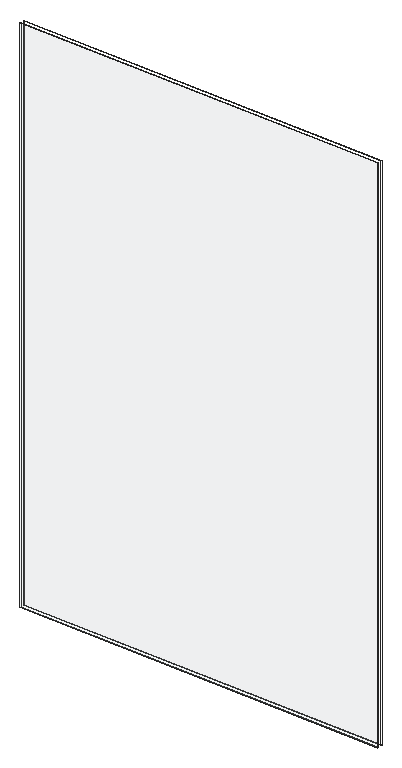
Revit family "Building-Materials_Glass-Glazing_Vitro-Architectural-Glass_Solarblue-Glass", category Curtain Panels, Revit 2026
Family settings
  Classification Number = 23.25.20.14.11.11.17
  Always vertical = Yes
  Cut with Voids When Loaded = No
  Shared = No
Parameters (values of type "Solarban 60 (2) Solarblue  + Clear")
  Visual Light Transmittance = if(Glass Code = 2, 0.5, if(Glass Code = 3, 0.48, if(Glass Code = 4, 0.45, if(Glass Code = 5, 0.45, if(Glass Code = 6, 0.34, if(Glass Code = 7, 0.34, if(Glass Code = 8, 0.41, if(Glass Code = 9, 0.41, if(Glass Code = 10, 0.26, if(Glass Code = 11, 0.32, if(Glass Code = 12, 0.32, if(Glass Code = 13, 0.2, if(Glass Code = 14, 0.17, if(Glass Code = 15, 0.16, if(Glass Code = 16, 0.13, if(Glass Code = 17, 0.19, if(Glass Code = 18, 0.12, 0.12)))))))))))))))))  # 0.45
  UV Light Transmittance = 0.1
  URL = "https://www.vitroglazings.com/"
  U-Value Argon (Winter Night) = 0.2400 BTU/(h·ft²·°F)
  U-Value Argon (Summer Day) = 0.2200 BTU/(h·ft²·°F)
  U-Value Air (Winter Night) = 0.2900 BTU/(h·ft²·°F)
  U-Value Air (Summer Day) = 0.2700 BTU/(h·ft²·°F)
  Total Thickness = Airspace Thickness + [1st Lite Thickness] + [2nd Lite Thickness]  # 0' - 1"
  Thermal Resistance (R) = 8.3333 (h·ft²·°F)/BTU  # constant formula
  Solar Light Transmittance = 0.21
  Solar Heat Gain Coefficient = if(Glass Code = 2, 0.49, if(Glass Code = 3, 0.42, if(Glass Code = 4, 0.29, if(Glass Code = 5, 0.33, if(Glass Code = 6, 0.23, if(Glass Code = 7, 0.3, if(Glass Code = 8, 0.22, if(Glass Code = 9, 0.27, if(Glass Code = 10, 0.19, if(Glass Code = 11, 0.19, if(Glass Code = 12, 0.25, if(Glass Code = 13, 0.32, if(Glass Code = 14, 0.18, if(Glass Code = 15, 0.15, if(Glass Code = 16, 0.15, if(Glass Code = 17, 0.29, if(Glass Code = 18, 0.12, 0.12)))))))))))))))))  # 0.29
  Shadow Coefficient = 0.33
  Reflectance (Visible Interior) = 11
  Reflectance (Visible Exterior) = 7
  Product data url = "https://www.bimobject.com/vitroarchictecturalglass/product/solarblue-glass"
  Product Page URL = "https://www.vitroglazings.com/products/performance-tinted-glass/blue-green-tinted-glass/solarblue-glass/"
  Product Guid = "c9440fd3-c105-4b7b-813a-3103e28ac274"
  Model = "Solarban 60 (2) Solarblue  + Clear"
  Manufacturer = "Vitro Architectural Glass "  # constant formula
  Light to Solar Gain = 1.55
  Keynote = "08900"  # constant formula
  Interior Glass Material = Vitro Architectural-Glass - Clear
  ISO Damage Weighted Transmittance = 0.377
  Heat Transfer Coefficient (U) = 0.2900 BTU/(h·ft²·°F)  # constant formula
  Glass Code = 4
  Finish = "Glass"  # constant formula
  Exterior Glass Material = Vitro Architectural-Glass - Solarban 60 (2) Solarblue
  Description = "Part of Vitro Glass’s earth‑inspired collection, Solarblue® glass features a sparkling, light sky‑blue appearance that balances high visible light transmittance (VLT) of 50 percent and a solar heat gain coefficient (SHGC) of 0.49 in a one-inch insulating glass unit (IGU) with clear glass."  # constant formula
  Define Thermal Properties by = Schematic Type
  Assembly Code = "B2020220"
  Analytic Construction = "Low-E double glazing (1/4 in + 1/4 in)"
  Airspace Thickness = 0' - 0 1/2"  # constant formula
  2nd Lite Thickness = 0' - 0 1/4"  # constant formula
  1st Lite Thickness = 0' - 0 1/4"  # constant formula
Types (17): name | Visual Light Transmittance | UV Light Transmittance | U-Value Argon (Winter Night) | U-Value Argon (Summer Day) | U-Value Air (Winter Night) | U-Value Air (Summer Day) | Solar Light Transmittance | Solar Heat Gain Coefficient | Shadow Coefficient | Reflectance (Visible Interior) | Reflectance (Visible Exterior) | Model | Light to Solar Gain | Interior Glass Material | ISO Damage Weighted Transmittance | Glass Code | Exterior Glass Material
  Solarblue + Clear | 0.5 | 0.25 | 0.4500 BTU/(h·ft²·°F) | 0.4800 BTU/(h·ft²·°F) | 0.4700 BTU/(h·ft²·°F) | 0.5000 BTU/(h·ft²·°F) | 0.37 | 0.49 | 0.56 | 13 | 9 | "Solarblue + Clear" | 1.02 | Vitro Architectural-Glass - Clear | 0.482 | 2 | Vitro Architectural-Glass - Solarblue
  Solarblue + Sungate 400 (3) Clear | 0.48 | 0.15 | 0.2800 BTU/(h·ft²·°F) | 0.2600 BTU/(h·ft²·°F) | 0.3200 BTU/(h·ft²·°F) | 0.3100 BTU/(h·ft²·°F) | 0.31 | 0.42 | 0.49 | 12 | 8 | "Solarblue + Sungate 400 (3) Clear" | 1.14 | Vitro Architectural-Glass - Sungate 400 (3) Clear | 0.429 | 3 | Vitro Architectural-Glass - Solarblue
  Solarban 60 (2) Solarblue  + Clear | 0.45 | 0.1 | 0.2400 BTU/(h·ft²·°F) | 0.2200 BTU/(h·ft²·°F) | 0.2900 BTU/(h·ft²·°F) | 0.2700 BTU/(h·ft²·°F) | 0.21 | 0.29 | 0.33 | 11 | 7 | "Solarban 60 (2) Solarblue  + Clear" | 1.55 | Vitro Architectural-Glass - Clear | 0.377 | 4 | Vitro Architectural-Glass - Solarban 60 (2) Solarblue
  Solarblue + Solarban 60 (3) Clear | 0.45 | 0.1 | 0.2400 BTU/(h·ft²·°F) | 0.2200 BTU/(h·ft²·°F) | 0.2900 BTU/(h·ft²·°F) | 0.2700 BTU/(h·ft²·°F) | 0.21 | 0.33 | 0.38 | 9 | 7 | "Solarblue + Solarban 60 (3) Clear" | 1.36 | Vitro Architectural-Glass - Solarban 60 (3) Clear | 0.376 | 5 | Vitro Architectural-Glass - Solarblue
  Solarban 67 (2) Solarblue  + Clear | 0.34 | 0.06 | 0.2400 BTU/(h·ft²·°F) | 0.2200 BTU/(h·ft²·°F) | 0.2900 BTU/(h·ft²·°F) | 0.2700 BTU/(h·ft²·°F) | 0.16 | 0.23 | 0.26 | 15 | 10 | "Solarban 67 (2) Solarblue  + Clear" | 1.48 | Vitro Architectural-Glass - Clear | 0.282 | 6 | Vitro Architectural-Glass - Solarban 67 (2) Solarblue
  Solarblue + Solarban 67 (3) Clear | 0.34 | 0.06 | 0.2400 BTU/(h·ft²·°F) | 0.2200 BTU/(h·ft²·°F) | 0.2900 BTU/(h·ft²·°F) | 0.2700 BTU/(h·ft²·°F) | 0.16 | 0.3 | 0.34 | 18 | 9 | "Solarblue + Solarban 67 (3) Clear" | 1.13 | Vitro Architectural-Glass - Solarban 67 (3) Clear | 0.282 | 7 | Vitro Architectural-Glass - Solarblue
  Solarban 70 (2) Solarblue  + Clear | 0.41 | 0.03 | 0.2400 BTU/(h·ft²·°F) | 0.2100 BTU/(h·ft²·°F) | 0.2800 BTU/(h·ft²·°F) | 0.2600 BTU/(h·ft²·°F) | 0.15 | 0.22 | 0.25 | 13 | 8 | "Solarban 70 (2) Solarblue  + Clear" | 1.86 | Vitro Architectural-Glass - Clear | 0.307 | 8 | Vitro Architectural-Glass - Solarban 70 (2) Solarblue
  Solarblue + Solarban 70 (3) | 0.41 | 0.03 | 0.2400 BTU/(h·ft²·°F) | 0.2100 BTU/(h·ft²·°F) | 0.2800 BTU/(h·ft²·°F) | 0.2600 BTU/(h·ft²·°F) | 0.15 | 0.27 | 0.3 | 12 | 8 | "Solarblue + Solarban 70 (3)" | 1.52 | Vitro Architectural-Glass - Solarban 70 (3) | 0.306 | 9 | Vitro Architectural-Glass - Solarblue
  Solarban R100 (2) Solarblue + Clear | 0.26 | 0.06 | 0.2500 BTU/(h·ft²·°F) | 0.2200 BTU/(h·ft²·°F) | 0.2900 BTU/(h·ft²·°F) | 0.2700 BTU/(h·ft²·°F) | 0.12 | 0.19 | 0.22 | 13 | 15 | "Solarban R100 (2) Solarblue + Clear" | 1.37 | Vitro Architectural-Glass - Clear | 0.236 | 10 | Vitro Architectural-Glass - Solarban R100 (2) Solarblue
  Solarban 90 (2) Solarblue  + Clear | 0.32 | 0.04 | 0.2400 BTU/(h·ft²·°F) | 0.2100 BTU/(h·ft²·°F) | 0.2900 BTU/(h·ft²·°F) | 0.2700 BTU/(h·ft²·°F) | 0.12 | 0.19 | 0.22 | 18 | 8 | "Solarban 90 (2) Solarblue  + Clear" | 1.68 | Vitro Architectural-Glass - Clear | 0.253 | 11 | Vitro Architectural-Glass - Solarban 90 (2) Solarblue
  Solarblue + Solarban 90 (3) Clear | 0.32 | 0.04 | 0.0240 BTU/(h·ft²·°F) | 0.2100 BTU/(h·ft²·°F) | 0.2900 BTU/(h·ft²·°F) | 0.2700 BTU/(h·ft²·°F) | 0.12 | 0.25 | 0.29 | 11 | 10 | "Solarblue + Solarban 90 (3) Clear" | 1.28 | Vitro Architectural-Glass - Solarban 90 (3) Clear | 0.252 | 12 | Vitro Architectural-Glass - Solarblue
  Solarcool (2) Solarblue + Clear | 0.2 | 0.07 | 0.4500 BTU/(h·ft²·°F) | 0.4800 BTU/(h·ft²·°F) | 0.4700 BTU/(h·ft²·°F) | 0.5000 BTU/(h·ft²·°F) | 0.19 | 0.32 | 0.37 | 38 | 15 | "Solarcool (2) Solarblue + Clear" | 0.63 | Vitro Architectural-Glass - Clear | 0.158 | 13 | Vitro Architectural-Glass - Solarcool (2) Solarblue
  Solarcool (2) Solarblue + Solarban 60 (3) Clear | 0.17 | 0.03 | 0.2400 BTU/(h·ft²·°F) | 0.2200 BTU/(h·ft²·°F) | 0.2900 BTU/(h·ft²·°F) | 0.2700 BTU/(h·ft²·°F) | 0.09 | 0.18 | 0.21 | 29 | 14 | "Solarcool (2) Solarblue + Solarban 60 (3) Clear" | 0.94 | Vitro Architectural-Glass - Solarban 60 (3) Clear | 0.124 | 14 | Vitro Architectural-Glass - Solarcool (2) Solarblue
  Solarcool (2) Solarblue + Solarban 70 (3) | 0.16 | 0.01 | 0.2400 BTU/(h·ft²·°F) | 0.2100 BTU/(h·ft²·°F) | 0.2800 BTU/(h·ft²·°F) | 0.2600 BTU/(h·ft²·°F) | 0.06 | 0.15 | 0.18 | 27 | 14 | "Solarcool (2) Solarblue + Solarban 70 (3)" | 1.07 | Vitro Architectural-Glass - Solarban 70 (3) | 0.103 | 15 | Vitro Architectural-Glass - Solarcool (2) Solarblue
  Solarcool (2) Solarblue + Solarban 90 (3) Clear | 0.13 | 0.01 | 0.2400 BTU/(h·ft²·°F) | 0.2100 BTU/(h·ft²·°F) | 0.2900 BTU/(h·ft²·°F) | 0.2700 BTU/(h·ft²·°F) | 0.05 | 0.15 | 0.17 | 22 | 15 | "Solarcool (2) Solarblue + Solarban 90 (3) Clear" | 0.87 | Vitro Architectural-Glass - Solarban 90 (3) Clear | 0.086 | 16 | Vitro Architectural-Glass - Solarcool (2) Solarblue
  Solarcool (1) Solarblue + Clear | 0.19 | 0.07 | 0.4500 BTU/(h·ft²·°F) | 0.4800 BTU/(h·ft²·°F) | 0.4700 BTU/(h·ft²·°F) | 0.5000 BTU/(h·ft²·°F) | 0.19 | 0.29 | 0.33 | 20 | 37 | "Solarcool (1) Solarblue + Clear" | 0.66 | Vitro Architectural-Glass - Clear | 0.155 | 17 | Vitro Architectural-Glass - Solarcool (1) Solarblue
  Solarcool (1) Solarblue + Solarban 90 (3) Clear | 0.12 | 0.01 | 0.0000 BTU/(h·ft²·°F) | 0.0000 BTU/(h·ft²·°F) | 0.2900 BTU/(h·ft²·°F) | 0.2700 BTU/(h·ft²·°F) | 0.05 | 0.12 | 0.14 | 14 | 37 | "Solarcool (1) Solarblue + Solarban 90 (3) Clear" | 0 | Vitro Architectural-Glass - Solarban 90 (3) Clear | 0.084 | 18 | Vitro Architectural-Glass - Solarcool (1) Solarblue
Reference planes (in)
  plane 1 "Front": y = 0
  plane 2: z = 0
  plane 3 "Center (Left/Right)": x = 0
  plane 4 "Left": x = -32.75106
  plane 5 "Right": x = 32.75106
  plane 6 "Top": z = 96
  plane 7: y = 0.25
  plane 8: y = -0.25
Forms (in)
  Extrusion 1, solid, material "Vitro Architectural-Glass - Clear" <- "Interior Glass Material"
    sketch origin (0, 0.5, 0) x (1, 0, 0) y (0, 1, 0)
      loop
        line (-32.75106, 0) -> (-32.75106, -0.25) -> (32.75106, -0.25) -> (32.75106, 0) -> (-32.75106, 0)
    from 0 to 96
  Extrusion 2, solid, material "Vitro Architectural-Glass - Solarban 60 (2) Solarblue" <- "Exterior Glass Material"
    sketch origin (0, -0.5, 0) x (1, 0, 0) y (0, 1, 0)
      loop
        line (-32.75106, 0.25) -> (-32.75106, 0) -> (32.75106, 0) -> (32.75106, 0.25) -> (-32.75106, 0.25)
    from 0 to 96
Text (in)
  text "Exterior" at (-54.29358, 31.38743, 0), in view "Ref. Level"
  text "Exterior" at (480, 41.53993, 89.60405), in view "Right"
  text "Exterior" at (-240, 57.82419, 105.78864), in view "Left"
Dimensions and locks (in)
  equal spacing: plane 4 "Left", plane 3 "Center (Left/Right)", plane 5 "Right"
  "2nd Lite Thickness": Extrusion 2 sketch curve to Extrusion 2 sketch curve
  equal spacing: plane 7, plane 1 "Front", plane 8
  "Airspace Thickness": plane 7 to plane 8
  "1st Lite Thickness": Extrusion 1 sketch curve to plane 7
  "Total Thickness": Extrusion 2 to Extrusion 1
  aligned and locked: level to plane 2
  aligned and locked: Extrusion 1 sketch curve to plane 4 "Left"
  aligned and locked: plane 5 "Right" to Extrusion 1 sketch curve
  aligned and locked: plane 5 "Right" to Extrusion 2 sketch curve
  aligned and locked: Extrusion 2 sketch curve to plane 4 "Left"
  aligned and locked: Extrusion 1 to plane 6 "Top"
  aligned and locked: Extrusion 1 to level
  aligned and locked: Extrusion 2 to plane 6 "Top"
  aligned and locked: Extrusion 2 to level
  aligned and locked: plane 8 to Extrusion 2
  aligned and locked: plane 7 to Extrusion 1 sketch curve
  aligned and locked: Extrusion 2 sketch curve to plane 8
